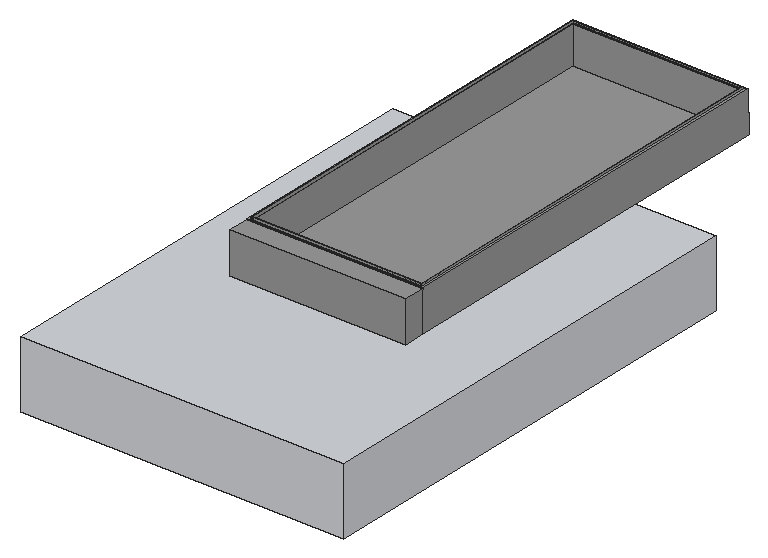
Revit family "Hager-Univers-IP30-D205-H1950-Cl.II-Encl-CH-fr", category Equipement électrique, Revit 2020
Family settings
  Hôte = Face
  Configuration du panneau = Deux colonnes, circuits au sein
  Cote de connecteur circulaire = Utiliser le diamètre
  Type d'élément = Tableau de raccordement
  Couper avec des vides une fois chargée = Non
  Partagée = Non
  Point de calcul de pièce = Non
Parameters (values of type "installation au sol IP30 L800 H1950 P205  - FP23S1N")
  Width Control [instance] = if([EF000008 - largeur] > Min Width, [EF000008 - largeur], Min Width)  # 800 mm
  Commentaires du type = [HG000003 - Gamme]  # "Univers"
  Thickness Door [instance] = if([EF009171 - épaisseur de matériau de la porte/du couvercle] > 3 mm, 3 mm, [EF009171 - épaisseur de matériau de la porte/du couvercle])  # 1 mm
  Seal Frame Offset [instance] = 17 mm  # constant formula
  Plinth Visibility [instance] = [HG000027 - Hauteur du socle] > 0 mm  # yes
  Model = ""
  Min Width [instance] = 100 mm  # constant formula
  Min Height [instance] = 100 mm  # constant formula
  Min Depth [instance] = (2 * [EF009170 - épaisseur de matériau du boîtier]) + 1 mm  # 3 mm
  Internal Frame Depth [instance] = (Door System Depth * 0.5)  # 9 mm
  Height Control [instance] = if([EF000040 - hauteur] > Min Height, [EF000040 - hauteur], Min Height)  # 1950 mm
  HG000027 - Hauteur du socle = 100 mm
  HG000026 - Installation au sol = yes
  HG000024 - Hauteur de la section basse = 800 mm
  HG000023 - Armoire double section = no
  HG000016 - Visibilité de la porte 3D [instance] = yes
  HG000015 - Visibilité de l'emprise de la porte [instance] = no
  HG000014 - Porte à droite [instance] = yes
  HG000013 - Porte à gauche [instance] = not([HG000014 - Porte à droite])  # no
  HG000012 - Angle de pivotement de la porte [instance] = 30.00°
  HG000010 - Portes asymétriques = no
  HG000009 - Porte à double battant = no
  HG000006 - Encastré = no
  HG000004 - Référence fabricant = "FP23S1N"
  HG000003 - Gamme = "Univers"
  HG000002 - avec porte = no
  Frame Offset Bottom [instance] = 10 mm  # constant formula
  Frame Offset [instance] = 15 mm  # constant formula
  EF015940 - couvercle avec décharge de pression = no
  EF011959 - degré de protection (NEMA) = ""
  EF009554 - nombre d'ouvertures pour plaques à bride = 6
  Fabricant = "Hager"  # constant formula
  EF009212 - finition du couvercle = "EV009916 - avec échancrure"
  EF009171 - épaisseur de matériau de la porte/du couvercle = 1 mm
  EF009170 - épaisseur de matériau du boîtier = 1 mm
  EF008873 - courant nominal (In) = 400 A
  EF007800 - adapté à un parafoudre = no
  EF006306 - avec serrure = no
  EF006244 - couvercle/porte transparent(e) = no
  EF005474 - indice de protection (IP) = "EV006410 - IP30"
  EF004464 - type de porte = "EV000494 - sans"
  EF004427 - nombre de modules = 432
  EF004293 - indice de protection contre les chocs (IK) = "EV006813 - IK07"
  EF003532 - convient pour utilisation à l’extérieur = no
  EF002950 - largeur en nombre de modules = 36
  EF001613 - maintien de fonction = "EV000494 - sans"
  EF001596 - matériau du boîtier/corps = "EV000179 - acier"
  EF001131 - profondeur intérieure = 130 mm
  EF001088 - possibilité de montage en saillie = yes
  EF000437 - nombre d'entrées de conduit = 6
  EF000339 - type de capot = "EV000494 - sans"
  EF000266 - nombre de rangées = 12
  EF000218 - profondeur d'encastrement = 0 mm
  EF000118 - avec cadre/support de montage = no
  EF000116 - numéro RAL = "9010"
  EF000049 - profondeur = 205 mm
  EF000040 - hauteur = 1950 mm
  EF000008 - largeur = 800 mm
  EF000007 - couleur = "EV000202 - blanc"
  EF000003 - mode de pose = "EV012274 - installation au sol"
  Door System Leaf Tolerance [instance] = 1.5 mm  # constant formula
  Door System Depth [instance] = 18 mm  # constant formula
  Door Height [instance] = Height Control - [HG000027 - Hauteur du socle]  # 1850 mm
  Depth Control [instance] = if([EF000049 - profondeur] > Min Depth, [EF000049 - profondeur], Min Depth)  # 205 mm
  Default Elevation = 0 mm
  Connector Offset [instance] = Height Control / 2  # 975 mm
  Bottom Top Plate Trim [instance] = 1.5 mm  # constant formula
  Plinth height Ctrl [instance] = if([HG000027 - Hauteur du socle] > 0 mm, [HG000027 - Hauteur du socle], 12 mm)  # 100 mm
Types (5, lengths in mm): name | Width Control | HG000004 - Référence fabricant | EF009554 - nombre d'ouvertures pour plaques à bride | EF008873 - courant nominal (In) | EF004427 - nombre de modules | EF002950 - largeur en nombre de modules | EF000437 - nombre d'entrées de conduit | EF000008 - largeur
  installation au sol IP30 L1050 H1950 P205  - FP24S1N | 1050 | "FP24S1N" | 8 | 400 A | 576 | 48 | 8 | 1050
  installation au sol IP30 L1300 H1950 P205  - FP25S1N | 1300 | "FP25S1N" | 10 | 400 A | 720 | 60 | 10 | 1300
  installation au sol IP30 L300 H1950 P205  - FP21S1N | 300 | "FP21S1N" | 2 | 250 A | 144 | 12 | 2 | 300
  installation au sol IP30 L550 H1950 P205  - FP22S1N | 550 | "FP22S1N" | 4 | 400 A | 288 | 24 | 4 | 550
  installation au sol IP30 L800 H1950 P205  - FP23S1N | 800 | "FP23S1N" | 6 | 400 A | 432 | 36 | 6 | 800
Reference planes
  plane 1 "Center (Front/Back)": y = 0
  plane 2: z = 0
  plane 3 "Center (Left/Right)": x = 0
  plane 4: z = 205
  plane 5: y = 101
  plane 6: y = 1025
  plane 7: y = 100
  plane 8: y = 1950
  plane 9: z = 0
  plane 10: x = -385
  plane 11: x = 385
  plane 12: x = 384
  plane 13: x = -384
  plane 14: y = 1949
  plane 15: x = -383
  plane 16: x = -400
  plane 17: x = 383
  plane 18: x = 400
  plane 19: x = 399
  plane 20: x = -399
  plane 21: y = 111
  plane 22: y = 1950
  plane 23: y = 1934
  plane 24: z = 187
  plane 25: z = 1
  plane 26: z = 186
  plane 27: z = 204
Forms (mm)
  Extrusion 1, solid
    sketch origin (0, 0, 0) x (1, 0, 0) y (0, 1, 0)
      loop
        line (-702.964, 1305) -> (-702.964, -811.445) -> (766.763, -811.445) -> (766.763, 1305) -> (-702.964, 1305)
    from 0 to -304.8
  Extrusion 2, solid, material "Hager_Steel_RAL7035_Light_Grey", visible <- "Plinth Visibility", detail levels medium+fine
    sketch origin (0, 0, 0) x (1, 0, 0) y (0, 1, 0)
      loop
        line (-400, 0) -> (400, 0) -> (400, 100) -> (-400, 100) -> (-400, 0)
    from 0 to 187
  Extrusion 3, solid, material "Hager_Steel_RAL7035_Light_Grey", detail levels medium+fine
    sketch origin (0, 0, 0) x (1, 0, 0) y (0, 1, 0)
      loop
        line (-400, 100) -> (400, 100) -> (400, 1950) -> (-400, 1950) -> (-400, 100)
    from 0 to 187
  Extrusion 4, void
    sketch origin (0, 0, 0) x (1, 0, 0) y (0, 1, 0)
      loop
        line (-399, 101) -> (399, 101) -> (399, 1949) -> (-399, 1949) -> (-399, 101)
    from 1 to 186
  Extrusion 5, void
    sketch origin (-381.607, -4572, 187) x (0, -1, 0) y (-1, 0, 0)
      loop
        line (-4683, 2.393) -> (-6506, 2.393) -> (-6506, -765.607) -> (-4683, -765.607) -> (-4683, 2.393)
    from 0 to 1 <- "EF009170 - épaisseur de matériau du boîtier"
  Extrusion 6, solid, material "Hager_Steel_RAL7035_Light_Grey", detail levels fine
    sketch origin (0, 0, 187) x (1, 0, 0) y (0, 1, 0)
      loop
        line (-384, 1934) -> (-384, 111) -> (384, 111) -> (384, 1934) -> (-384, 1934)
      loop
        line (-385, 110) -> (385, 110) -> (385, 1935) -> (-385, 1935) -> (-385, 110)
    from 0 to 9 <- "Internal Frame Depth"
  Extrusion 7, solid, material "Hager_Steel_RAL7035_Light_Grey", detail levels coarse
    sketch origin (0, 0, 0) x (1, 0, 0) y (0, 1, 0)
      loop
        line (-400, 0) -> (400, 0) -> (400, 1950) -> (-400, 1950) -> (-400, 0)
    from 0 to 205
  Sweep 8, void
    path in 3D
      loop
        line (-400, 100, 0) -> (400, 100, 0) -> (400, 100, 187) -> (-400, 100, 187) -> (-400, 100, 0)
    profile origin (-400, 100, 93.5) x (-1, 0, 0) y (0, -1, 0)
      loop
        line (0, 0) -> (0, 1.5) -> (-1.5, 1.5)
        arc (-1.5, 1.5) -> (-1.061, 0.439) -> (0, 0) r 1.5
Cuts and joins
  Extrusion 4, Extrusion 5 cuts Extrusion 3
  Sweep 8 cuts Extrusion 2
Lines and regions (mm)
  Masking region 1
    outline origin (0, 0, 0) x (1, 0, 0) y (0, 0, 1)
      loop
        line (-400, 205) -> (-400, 0) -> (400, 0) -> (400, 205) -> (-400, 205)
  Masking region 2, detail levels medium+fine
    outline origin (0, 140, 0) x (0, 1, 0) y (0, 0, 1)
      loop
        line (-40, 0) -> (1810, 0) -> (1810, 187) -> (-40, 187) -> (-40, 0)
  Masking region 3, not visible, detail levels medium+fine
    outline origin (0, 297.922, 0) x (0, 1, 0) y (0, 0, 1)
      loop
        line (738.578, 0) -> (778.578, 0) -> (778.578, 194)
        arc (778.578, 194) -> (775.649, 201.071) -> (768.578, 204) r 10
        line (768.578, 204) -> (738.578, 204) -> (738.578, 0)
  Masking region 4, detail levels coarse
    outline origin (0, 0, 180) x (0, 1, 0) y (0, 0, 1)
      loop
        line (0, -180) -> (1950, -180) -> (1950, 25) -> (0, 25) -> (0, -180)
  Masking region 5, visible <- "Plinth Visibility", detail levels medium+fine
    outline origin (0, 52.24, 12.345) x (0, 0, -1) y (0, 1, 0)
      loop
        line (10.845, 47.76) -> (-173.155, 47.76)
        arc (-173.155, 47.76) -> (-173.594, 46.699) -> (-174.655, 46.26) r 1.5
        line (-174.655, 46.26) -> (-174.655, -52.24) -> (12.345, -52.24) -> (12.345, 46.26)
        arc (12.345, 46.26) -> (11.285, 46.699) -> (10.845, 47.76) r 1.5
  Masking region 6, detail levels medium+fine
    outline origin (-381.607, -4572, 187) x (-1, 0, 0) y (0, -1, 0)
      loop
        line (18.393, -6522) -> (18.393, -4672) -> (-781.607, -4672) -> (-781.607, -6522) -> (18.393, -6522)
  Masking region 7, visible <- "Plinth Visibility", detail levels medium+fine
    outline origin (-381.607, -4727, 187) x (-1, 0, 0) y (0, -1, 0)
      loop
        arc (16.893, -4827) -> (17.332, -4825.939) -> (18.393, -4825.5) r 1.5
        line (18.393, -4825.5) -> (18.393, -4727) -> (-781.607, -4727) -> (-781.607, -4825.5)
        arc (-781.607, -4825.5) -> (-780.546, -4825.939) -> (-780.107, -4827) r 1.5
        line (-780.107, -4827) -> (16.893, -4827)
  Masking region 8, detail levels coarse
    outline origin (-442.548, -4669.526, 187) x (-1, 0, 0) y (0, -1, 0)
      loop
        line (-42.548, -6619.526) -> (-42.548, -4669.526) -> (-842.548, -4669.526) -> (-842.548, -6619.526) -> (-42.548, -6619.526)
  sketch lines
    curve 1: line (-400, 100, 187) -> (-400, 100, 0)
    curve 2: line (400, 100, 187) -> (-400, 100, 187)
    curve 3: line (400, 100, 187) -> (400, 100, 0)
    curve 4: line (-400, 100, 0) -> (400, 100, 0)
Dimensions and locks
  "Depth Control": plane 4 to Extrusion 1
  "HG000027 - Hauteur du socle": plane 1 "Center (Front/Back)" to plane 7
  "EF009170 - épaisseur de matériau du boîtier": plane 5 to plane 7
  locked: connector elem to plane 3 "Center (Left/Right)"
  equal spacing: plane 8, plane 6, plane 7
  locked: connector elem to plane 6
  "EF009170 - épaisseur de matériau du boîtier": plane 8 to plane 14
  "EF009170 - épaisseur de matériau du boîtier": plane 10 to plane 13
  "EF009170 - épaisseur de matériau du boîtier": plane 12 to plane 11
  "Frame Offset": plane 20 to plane 13
  "Frame Offset": plane 12 to plane 19
  "EF009170 - épaisseur de matériau du boîtier": plane 16 to plane 20
  "EF009170 - épaisseur de matériau du boîtier": plane 19 to plane 18
  "Seal Frame Offset": plane 16 to plane 15
  "Seal Frame Offset": plane 17 to plane 18
  "Frame Offset Bottom": plane 21 to plane 5
  "Frame Offset": plane 14 to plane 23
  equal spacing: plane 16, plane 3 "Center (Left/Right)", plane 18
  "Width Control": plane 16 to plane 18
  "EF009170 - épaisseur de matériau du boîtier": plane 4 to plane 27
  "EF009170 - épaisseur de matériau du boîtier": plane 24 to plane 26
  "EF009170 - épaisseur de matériau du boîtier": plane 25 to level
  "Door System Depth": plane 4 to plane 24
  "Height Control": plane 1 "Center (Front/Back)" to Extrusion 7 sketch curve
  "Height Control": Masking region 4 sketch curve to plane 1 "Center (Front/Back)"
  "Height Control": plane 1 "Center (Front/Back)" to plane 22
  "Bottom Top Plate Trim": profile plane to Sweep 8 sketch curve
  "Bottom Top Plate Trim": Sweep 8 sketch curve to profile plane
  "Plinth height Ctrl": plane 1 "Center (Front/Back)" to Extrusion 2 sketch curve
  "Plinth height Ctrl": Masking region 5 sketch curve to plane 1 "Center (Front/Back)"
  "Plinth height Ctrl": plane 1 "Center (Front/Back)" to Masking region 7 sketch curve
  "Thickness Door": Extrusion 6 sketch curve to Extrusion 6 sketch curve  (x3)
  "Thickness Door": cut or joined group of Extrusion 3, Extrusion 4, Extrusion 5 to Extrusion 6 sketch curve
  radius of Masking region 3 sketch curve = 10 mm
  "Bottom Top Plate Trim": radius of Masking region 5 sketch curve  (x2)
  "Bottom Top Plate Trim": radius of Sweep 8 sketch curve
  "Bottom Top Plate Trim": radius of Masking region 7 sketch curve  (x2)
  aligned and locked: plane 2 to Extrusion 1
  aligned and locked: level to Extrusion 1
  aligned and locked: level to Masking region 1 sketch curve
  aligned and locked: Masking region 1 sketch curve to plane 18
  aligned and locked: Masking region 1 sketch curve to plane 16
  aligned and locked: plane 7 to Masking region 2 sketch curve
  aligned and locked: level to Masking region 3 sketch curve
  aligned and locked: Masking region 3 sketch curve to plane 27
  aligned and locked: level to Masking region 2 sketch curve
  aligned and locked: plane 1 "Center (Front/Back)" to Extrusion 2 sketch curve
  aligned and locked: Extrusion 3 sketch curve to plane 7
  aligned and locked: plane 16 to Extrusion 3 sketch curve
  aligned and locked: plane 18 to Extrusion 3 sketch curve
  aligned and locked: plane 20 to Extrusion 4 sketch curve
  aligned and locked: plane 19 to Extrusion 4 sketch curve
  aligned and locked: Extrusion 4 sketch curve to plane 5
  aligned and locked: Extrusion 4 to plane 25
  aligned and locked: plane 26 to Extrusion 4
  aligned and locked: plane 24 to Extrusion 3
  aligned and locked: Extrusion 5 sketch curve to plane 21
  aligned and locked: Extrusion 5 sketch curve to plane 13
  aligned and locked: Extrusion 5 sketch curve to plane 12
  aligned and locked: plane 18 to Extrusion 7 sketch curve
  aligned and locked: plane 1 "Center (Front/Back)" to Extrusion 7 sketch curve
  aligned and locked: plane 16 to Extrusion 7 sketch curve
  aligned and locked: plane 4 to Extrusion 7
  aligned and locked: Extrusion 7 to level
  aligned and locked: level to Masking region 4 sketch curve
  aligned and locked: Masking region 4 sketch curve to plane 1 "Center (Front/Back)"
  aligned and locked: Masking region 4 sketch curve to plane 4
  aligned and locked: nested 1 to level
  aligned and locked: nested 1 to plane 16
  aligned and locked: plane 8 to Extrusion 3 sketch curve
  aligned and locked: plane 23 to Extrusion 5 sketch curve
  aligned and locked: plane 14 to Extrusion 4 sketch curve
  aligned and locked: Masking region 2 sketch curve to plane 8
  aligned and locked: level to Masking region 5 sketch curve
  aligned and locked: plane 16 to Extrusion 2 sketch curve
  aligned and locked: plane 18 to Extrusion 2 sketch curve
  aligned and locked: Masking region 5 sketch curve to plane 24
  aligned and locked: Masking region 2 sketch curve to plane 24
  aligned and locked: plane 24 to Extrusion 2
  aligned and locked: profile plane to Sweep 8 sketch curve  (x2)
  aligned and locked: Masking region 6 sketch curve to plane 18
  aligned and locked: Masking region 6 sketch curve to plane 22
  aligned and locked: Masking region 6 sketch curve to plane 16
  aligned and locked: plane 8 to plane 22
  aligned and locked: Masking region 6 sketch curve to plane 7
  aligned and locked: Masking region 7 sketch curve to plane 16
  aligned and locked: Masking region 7 sketch curve to plane 1 "Center (Front/Back)"
  aligned and locked: Masking region 7 sketch curve to plane 18
  aligned and locked: Masking region 8 sketch curve to plane 1 "Center (Front/Back)"
  aligned and locked: Masking region 8 sketch curve to plane 18
  aligned and locked: Masking region 8 sketch curve to plane 22
  aligned and locked: Masking region 8 sketch curve to plane 16
  aligned and locked: nested 2 to plane 7
  aligned and locked: plane 3 "Center (Left/Right)" to nested 2
  aligned and locked: nested 2 to plane 24
  aligned and locked: Extrusion 6 sketch curve to cut or joined group of Extrusion 3, Extrusion 4, Extrusion 5  (x4)
Automatic sketch dimensions
  Extrusion 1 sketch curve to Extrusion 1 sketch curve = 1469.727 mm
  Extrusion 1 sketch curve to Extrusion 1 sketch curve = 2116.445 mm
  Masking region 1 sketch curve to plane 4 = 0 mm
  plane 6 to Masking region 3 sketch curve = 11.5 mm
  Masking region 3 sketch curve to Masking region 3 sketch curve = 30 mm
  Masking region 5 sketch curve to plane 1 "Center (Front/Back)" = 0 mm
Nested families
  nested 1: "Hager_Enclosure_Symbol" at (-400, 0, 0) x (1, 0, 0) z (0, -1, 0), Height <- "Depth Control", Width <- "Width Control", type "Hager_Enclosure_Symbol"
    with Width_Ctrl 800 mm, Width 800 mm, Height_Ctrl 205 mm, Height 205 mm, A_Width_Int 13.453 mm, A_Width 161.438 mm, A_Height_Ctrl 179.375 mm, A_Height 179.375 mm
  nested 2: "EC000058_Univers_Door" at (0, 100, 187) x (1, 0, 0) z (0, 1, 0), Leaf_Tolerance <- "Door System Leaf Tolerance", Angle <- "HG000012 - Angle de pivotement de la porte", Door_Depth <- "Door System Depth", Door_Left <- "HG000013 - Porte à gauche", Transparent <- "EF006244 - couvercle/porte transparent(e)", Assymetrical <- "HG000010 - Portes asymétriques", Width <- "Width Control", Clearance <- "HG000015 - Visibilité de l'emprise de la porte", Double <- "HG000009 - Porte à double battant", 3d_Door <- "HG000016 - Visibilité de la porte 3D", Lock_Visibility <- "EF006306 - avec serrure", Width_Ctrl <- "Width Control", Door_Right <- "HG000014 - Porte à droite", Door <- "HG000002 - avec porte", Height <- "Door Height", Thickness <- "Thickness Door", type "EC000058_Univers_Door", detail levels medium+fine
    with min_wh 3 mm, Width_Ctrl 800 mm, Width 800 mm, Transparent no, Thickness 1 mm, Seal_Material Hager_Rubber, Lock_Visibility no, Lock_Material Hager_Plastic_RAL9005_Jet_Black, Leaf_Width 800 mm, Leaf_Tolerance_External_Sides 0 mm, Leaf_Tolerance 1.5 mm, Leaf_Offset 0 mm, Leaf_Height 1847 mm, Leaf_2_Width 800 mm, Leaf_2_Offset 400 mm, Leaf_1_Width 800 mm, Leaf_1_Offset 400 mm, Height_Ctrl 1850 mm, Height 1850 mm, Glass_Material Hager_Glass, Double_Clearance_Ctrl no, Double no, Door_Right_Ctrl no, Door_Right yes, Door_Material Hager_Steel_RAL7035_Light_Grey, Door_Left_Ctrl no, Door_Left no, Door_Depth 18 mm, Door no, Clearance_Material Hager_Clearance, Clearance_Depth 800 mm, Clearance_Ctrl no, Clearance no, Assymetrical no, Angle 30.00°, 3d_Door yes
Connectors
  electrical at (0, 1025, 0)
    settings: on plane 9, index 1, voltage 0 V, apparent load 0 VA, apparent load phase1 0 VA, apparent load phase2 0 VA, apparent load phase3 0 VA, power factor 1, load classification "Other", number of poles 1, system type 30, power factor state 1, is connector primary yes, connector utility no, sub classification motor no, connector description ""
Definition of nested family "Hager_Enclosure_Symbol"
  Parameters (values of type "Hager_Enclosure_Symbol")
    Width_Ctrl [instance] = if(Width > 1 mm, Width, 1 mm)  # 102.27 mm
    Width [instance] = 102.27 mm
    Height_Ctrl [instance] = if(Height > 1 mm, Height, 1 mm)  # 66.5 mm
    A_Width_Int [instance] = if(A_Width / 12 > 2 mm, A_Width / 12, 2 mm)  # 4.364 mm
    A_Width [instance] = if(A_Height_Ctrl * 0.9 > 2 mm, A_Height_Ctrl * 0.9, 2 mm)  # 52.369 mm
    A_Height_Ctrl [instance] = if(A_Height > 2 mm, A_Height, 2 mm)  # 58.188 mm
    Height [instance] = 66.5 mm
    A_Height [instance] = Height - (Height / 8)  # 58.188 mm
  Reference planes
    plane 1 "Centre (avant/arrière)": y = 0
    plane 2: z = 0
    plane 3 "Centre (gauche/droite)": x = 0
    plane 4: x = 52.369
    plane 5: y = 33.042
    plane 6: y = 41.77
    plane 7: y = 66.5
    plane 8: x = 26.184
    plane 9: y = 37.406
    plane 10: x = 102.27
    plane 11: y = 66.5
    plane 12: y = 8.313
  Lines and regions (mm)
    Filled region 1, type "Solid_Black", in view "Niveau de réf."
      outline origin (0, 0, 0) x (1, 0, 0) y (0, 1, 0)
        loop
          line (52.369, 66.5) -> (33.188, 54.536) -> (45.365, 45.006) -> (52.369, 66.5)
    Filled region 2, type "Solid_Black", in view "Niveau de réf."
      outline origin (0, 0, 0) x (1, 0, 0) y (0, 1, 0)
        loop
          line (0, 0) -> (102.27, 0) -> (102.27, 66.5) -> (0, 0)
    detail lines, in view "Niveau de réf."
      curve 1: line (0, 8.313, 0) -> (26.184, 41.77, 0)
      curve 2: line (26.184, 41.77, 0) -> (26.184, 33.042, 0)
      curve 3: line (26.184, 33.042, 0) -> (52.369, 66.5, 0)
  Dimensions and locks
    "A_Width": plane 3 "Centre (gauche/droite)" to plane 4
    equal spacing: plane 3 "Centre (gauche/droite)", plane 8, plane 4
    equal spacing: plane 6, plane 9, plane 5
    equal spacing: curve 3, Filled region 1 sketch curve, Filled region 1 sketch curve
    "Height_Ctrl": plane 1 "Centre (avant/arrière)" to plane 11
    "A_Height_Ctrl": plane 11 to plane 12
    equal spacing: plane 11, plane 9, plane 12
    "A_Width_Int": plane 6 to plane 9
    "Width_Ctrl": plane 3 "Centre (gauche/droite)" to plane 10
    angle Filled region 1 sketch curve to curve 3 = 20.00°
    angle curve 3 to Filled region 1 sketch curve = 20.00°
    locked: curve 3 to Filled region 1 sketch curve (angle 90.00°)
    aligned and locked: plane 10 to Filled region 2
    aligned and locked: plane 11 to Filled region 2 sketch curve
    aligned and locked: plane 10 to Filled region 2 sketch curve
    aligned and locked: plane 3 "Centre (gauche/droite)" to curve 1
    aligned and locked: plane 12 to curve 1
    aligned and locked: plane 7 to plane 11
  Automatic sketch dimensions
    Filled region 1 sketch curve to plane 4 = 0 mm
    Filled region 1 sketch curve to plane 7 = 0 mm
    plane 1 "Centre (avant/arrière)" to Filled region 2 sketch curve = 0 mm
    Filled region 2 sketch curve to plane 3 "Centre (gauche/droite)" = 0 mm
    curve 2 to plane 6 = 0 mm
    curve 2 to plane 8 = 0 mm
    curve 3 to plane 4 = 0 mm
    curve 2 to plane 5 = 0 mm
    curve 3 to plane 7 = 0 mm
Definition of nested family "EC000058_Univers_Door"
  Parameters (values of type "EC000058_Univers_Door")
    min_wh [instance] = (2 * Thickness) + 1 mm  # 11 mm
    Width_Ctrl [instance] = 400 mm
    Width [instance] = 500 mm
    Transparent [instance] = yes
    Thickness [instance] = 5 mm
    Seal_Material [instance] = none
    Lock_Visibility [instance] = yes
    Lock_Material [instance] = none
    Leaf_Width [instance] = if((Width_Ctrl - 2 * Leaf_Tolerance_External_Sides) > 0 mm, (Width_Ctrl - 2 * Leaf_Tolerance_External_Sides), min_wh)  # 400 mm
    Leaf_Tolerance_External_Sides [instance] = 0 mm  # constant formula
    Leaf_Tolerance [instance] = 1.5 mm
    Leaf_Offset [instance] = 0 mm  # constant formula
    Leaf_Height [instance] = if((Height_Ctrl - 2 * Leaf_Tolerance) > 0 mm, (Height_Ctrl - 2 * Leaf_Tolerance), min_wh)  # 497 mm
    Leaf_2_Width [instance] = if(and(and(Double, Assymetrical), Door_Left), (Leaf_Width / 3) - (Leaf_Tolerance / 2), if(and(and(Double, Assymetrical), Door_Right), (Leaf_Width / 3) * 2 - (Leaf_Tolerance / 2), if(and(Double, not(Assymetrical)), (Leaf_Width / 2) - Leaf_Tolerance, Leaf_Width)))  # 400 mm
    Leaf_2_Offset [instance] = if(and(Double, Assymetrical), Leaf_2_Width / 2, if(and(Double, not(Assymetrical)), Leaf_Width / 4, Leaf_Width / 2))  # 200 mm
    Leaf_1_Width [instance] = if(and(and(Double, Assymetrical), Door_Right), (Leaf_Width / 3) - (Leaf_Tolerance / 2), if(and(and(Double, Assymetrical), Door_Left), (Width / 3) * 2 - (Leaf_Tolerance / 2), if(and(Double, not(Assymetrical)), (Leaf_Width / 2) - Leaf_Tolerance, Leaf_Width)))  # 400 mm
    Leaf_1_Offset [instance] = if(and(Double, Assymetrical), Leaf_1_Width / 2, if(and(Double, not(Assymetrical)), Leaf_Width / 4, Leaf_Width / 2))  # 200 mm
    Height_Ctrl [instance] = if(Height > min_wh, Height, min_wh)  # 500 mm
    Height [instance] = 500 mm
    Glass_Material [instance] = none
    Double_Clearance_Ctrl [instance] = and(Double, Clearance)  # no
    Double [instance] = no
    Door_Right_Ctrl [instance] = and(or(Door_Right, Double), Door)  # yes
    Door_Right [instance] = yes
    Door_Material [instance] = none
    Door_Left_Ctrl [instance] = and(or(Door_Left, Double), Door)  # no
    Door_Left [instance] = no
    Door_Depth [instance] = 30 mm
    Door [instance] = yes
    Default Elevation = 1219.2 mm
    Clearance_Material [instance] = none
    Clearance_Depth [instance] = if(Leaf_1_Width > Leaf_2_Width, Leaf_1_Width, Leaf_2_Width)  # 400 mm
    Clearance_Ctrl [instance] = and(not(Double), Clearance)  # yes
    Clearance [instance] = yes
    Assymetrical [instance] = yes
    Angle [instance] = 30.00°
    3d_Door [instance] = yes
  Reference planes
    plane 1 "Center (Front/Back)": y = 0
    plane 2 "Bottom": z = 0
    plane 3 "Center (Left/Right)": x = 0
    plane 4: z = 500
    plane 5: x = -200
    plane 6: x = 200
    plane 7: z = 500
    plane 8: x = -200
    plane 9: z = 0
    plane 10: x = 200
    plane 11: y = 0
    plane 12: z = 1.5
    plane 13: x = -600
    plane 14: y = -400
    plane 15: x = 600
    plane 16: x = 0
    plane 17: x = 0
    plane 18: x = -200
    plane 19: x = 200
    plane 20: z = 498.5
  Forms (mm)
    Extrusion 1, solid, material <- "Clearance_Material", visible <- "Double_Clearance_Ctrl"
      sketch origin (1200, 0, 0) x (1, 0, 0) y (0, 0, -1)
        loop
          line (-1800, -498.5) -> (-600, -498.5) -> (-600, 0) -> (-1800, 0) -> (-1800, -498.5)
      from 0 to -400
  Dimensions and locks
    equal spacing: plane 5, plane 3 "Center (Left/Right)", plane 6
    "Width_Ctrl": plane 5 to plane 6
    "Leaf_Offset": plane 5 to plane 8
    "Leaf_Offset": plane 6 to plane 10
    "Leaf_Offset": plane 9 to level
    "Leaf_Offset": plane 4 to plane 7
    "Height_Ctrl": plane 4 to level
    "Leaf_Tolerance": plane 12 to plane 9
    locked: plane 11 to plane 1 "Center (Front/Back)"
    "Leaf_1_Offset": plane 18 to plane 16
    "Leaf_2_Offset": plane 17 to plane 19
    "Leaf_1_Width": plane 13 to plane 8
    "Leaf_2_Width": plane 10 to plane 15
    "Clearance_Depth": plane 14 to plane 1 "Center (Front/Back)"
    "Leaf_Tolerance_External_Sides": plane 8 to plane 18
    "Leaf_Tolerance_External_Sides": plane 19 to plane 10
    "Leaf_Tolerance": plane 7 to plane 20
    aligned and locked: level to plane 2 "Bottom"
    aligned and locked: nested 1 to plane 16
    aligned and locked: nested 2 to plane 17
    aligned and locked: Extrusion 1 to plane 13
    aligned and locked: plane 15 to Extrusion 1
    aligned and locked: Extrusion 1 to plane 14
    aligned and locked: plane 12 to nested 1
    aligned and locked: nested 2 to plane 12
    aligned and locked: Extrusion 1 to plane 11
    aligned and locked: plane 20 to Extrusion 1
    aligned and locked: nested 2 to plane 11
    aligned and locked: nested 1 to plane 11
  Automatic sketch dimensions
    Extrusion 1 sketch curve to level = 0 mm
    plane 5 to Extrusion 1 sketch curve = 400 mm
    plane 6 to Extrusion 1 sketch curve = 400 mm
    Extrusion 1 sketch curve to plane 4 = 1.5 mm
  Nested families
    nested 1: "EC000058_Univers_Door_Leaf" at (0, 0, 1.5), Width <- "Leaf_1_Width", visible <- "Door_Left_Ctrl", Leaf_Height <- "Leaf_Height", Angle <- "Angle", 3d_Door <- "3d_Door", Transparent <- "Transparent", Clearance Material <- "Clearance_Material", Clearance <- "Clearance_Ctrl", Door_Material <- "Door_Material", Glass_Material <- "Glass_Material", Door_Depth <- "Door_Depth", Lock_Material <- "Lock_Material", Seal_Material <- "Seal_Material", Lock_Visibility <- "Lock_Visibility", Thickness <- "Thickness", type "EC000058_Univers_Door_Leaf"
      with Width 400 mm, Transparent_Glass_Offset 30 mm, Transparent_Ctrl yes, Transparent yes, Thickness 5 mm, Standard no, Seal_Material none, Seal_D2 8 mm, Seal_D1 1 mm, Offset_Internal_Frame 10 mm, Lock_Width 20 mm, Lock_Visibility_3d yes, Lock_Visibility yes, Lock_Thickness_3 3 mm, Lock_Thickness_2 1 mm, Lock_Thickness_1 3 mm, Lock_Radius_Offset_2 16 mm, Lock_Radius_Offset_1 15 mm, Lock_Radius_2 5 mm, Lock_Radius 6 mm, Lock_Offset 5 mm, Lock_Material none, Lock_Height 80 mm, Lock_Cover_Top_Offset_2d 17 mm, Lock_Cover_Height -65 mm, Leaf_Height 497 mm, Internal_Seal_Thickness 8 mm, Internal_Seal_Depth_2 4.5 mm, Internal_Frame_Depth 25 mm, Glass_Thickness -1 mm, Glass_Offset -2 mm, Glass_Material none, Door_Material none, Door_Depth 30 mm, Clearance Material none, Clearance yes, Angle_Ctrl 30.00°, Angle 30.00°, 3d_Door yes
    nested 2: "EC000058_Univers_Door_Leaf" at (0, 0, 1.5) x (-1, 0, 0) z (0, 0, 1), Width <- "Leaf_2_Width", visible <- "Door_Right_Ctrl", Leaf_Height <- "Leaf_Height", Angle <- "Angle", 3d_Door <- "3d_Door", Transparent <- "Transparent", Clearance Material <- "Clearance_Material", Clearance <- "Clearance_Ctrl", Door_Material <- "Door_Material", Glass_Material <- "Glass_Material", Door_Depth <- "Door_Depth", Lock_Material <- "Lock_Material", Seal_Material <- "Seal_Material", Lock_Visibility <- "Lock_Visibility", Thickness <- "Thickness", type "EC000058_Univers_Door_Leaf"
      with Width 400 mm, Transparent_Glass_Offset 30 mm, Transparent_Ctrl yes, Transparent yes, Thickness 5 mm, Standard no, Seal_Material none, Seal_D2 8 mm, Seal_D1 1 mm, Offset_Internal_Frame 10 mm, Lock_Width 20 mm, Lock_Visibility_3d yes, Lock_Visibility yes, Lock_Thickness_3 3 mm, Lock_Thickness_2 1 mm, Lock_Thickness_1 3 mm, Lock_Radius_Offset_2 16 mm, Lock_Radius_Offset_1 15 mm, Lock_Radius_2 5 mm, Lock_Radius 6 mm, Lock_Offset 5 mm, Lock_Material none, Lock_Height 80 mm, Lock_Cover_Top_Offset_2d 17 mm, Lock_Cover_Height -65 mm, Leaf_Height 497 mm, Internal_Seal_Thickness 8 mm, Internal_Seal_Depth_2 4.5 mm, Internal_Frame_Depth 25 mm, Glass_Thickness -1 mm, Glass_Offset -2 mm, Glass_Material none, Door_Material none, Door_Depth 30 mm, Clearance Material none, Clearance yes, Angle_Ctrl 30.00°, Angle 30.00°, 3d_Door yes
  Definition of nested family "EC000058_Univers_Door_Leaf"
    Parameters (values of type "EC000058_Univers_Door_Leaf")
      Width [instance] = 2000 mm
      Transparent_Glass_Offset [instance] = 30 mm
      Transparent_Ctrl [instance] = and(Transparent, [3d_Door])  # yes
      Transparent [instance] = yes
      Thickness [instance] = 5 mm
      Standard [instance] = and(not(Transparent), [3d_Door])  # no
      Seal_Material [instance] = none
      Seal_D2 [instance] = 8 mm  # constant formula
      Seal_D1 [instance] = 1 mm  # constant formula
      Offset_Internal_Frame [instance] = 10 mm  # constant formula
      Lock_Width [instance] = 20 mm  # constant formula
      Lock_Visibility_3d [instance] = and(Lock_Visibility, [3d_Door])  # yes
      Lock_Visibility [instance] = yes
      Lock_Thickness_3 [instance] = 3 mm  # constant formula
      Lock_Thickness_2 [instance] = 1 mm  # constant formula
      Lock_Thickness_1 [instance] = 3 mm  # constant formula
      Lock_Radius_Offset_2 [instance] = Lock_Radius_Offset_1 + 1 mm  # 16 mm
      Lock_Radius_Offset_1 [instance] = 15 mm  # constant formula
      Lock_Radius_2 [instance] = Lock_Radius - 1 mm  # 5 mm
      Lock_Radius [instance] = 6 mm  # constant formula
      Lock_Offset [instance] = 5 mm  # constant formula
      Lock_Material [instance] = none
      Lock_Height [instance] = 80 mm  # constant formula
      Lock_Cover_Top_Offset_2d [instance] = Lock_Radius_Offset_2 + 1 mm  # 17 mm
      Lock_Cover_Height [instance] = -(Lock_Height - Lock_Radius_Offset_1)  # -65 mm
      Leaf_Height [instance] = 2720.336 mm
      Internal_Seal_Thickness [instance] = 8 mm  # constant formula
      Internal_Seal_Depth_2 [instance] = 4.5 mm  # constant formula
      Internal_Frame_Depth [instance] = if(Door_Depth - Thickness > 5 mm, Door_Depth - Thickness, 5 mm)  # 25 mm
      Glass_Thickness [instance] = if(Thickness > 15 mm, Glass_Offset + 10 mm, -1 mm)  # -1 mm
      Glass_Offset [instance] = if(Thickness > 15 mm, -(Thickness + 10 mm) / 2, -2 mm)  # -2 mm
      Glass_Material [instance] = none
      Door_Material [instance] = none
      Door_Depth [instance] = 30 mm
      Default Elevation = 0 mm
      Clearance Material [instance] = none
      Clearance [instance] = yes
      Angle_Ctrl [instance] = if(Angle > 180.00°, 180.00°, Angle)  # 90.00°
      Angle [instance] = 90.00°
      3d_Door [instance] = yes
    Reference planes
      plane 1 "Center (Front/Back)": y = 0
      plane 2: z = 0
      plane 3 "Center (Left/Right)": x = 0
      plane 4: y = 2000
      plane 5: x = -1000
      plane 6: x = 1000
      plane 7: x = -3000
      plane 8: z = 2720.336
      plane 9: z = 30
      plane 10: z = 2690.336
      plane 11: x = 970
      plane 12: x = -970
      plane 13: y = -3
      plane 14: z = 107.833
      plane 15: y = -5
      plane 16: y = -223.314
      plane 17: x = -1000
      plane 18: z = 1360.168
      plane 19: y = 30
    Forms (mm)
      Extrusion 1, solid, material <- "Clearance Material", visible <- "Clearance"
        sketch origin (0, 0, 0) x (1, 0, 0) y (0, 0, 1)
          loop
            line (-3000, 2720.336) -> (-3000, 0) -> (1000, 0) -> (1000, 2720.336) -> (-3000, 2720.336)
        from 0 to -2000
      Extrusion 2, solid, material <- "Door_Material", visible <- "Standard", detail levels medium+fine
        sketch origin (-1000, 0, 0) x (0, 1, 0) y (-1, 0, 0)
          loop
            line (0, 30) -> (0, 25) -> (2000, 25) -> (2000, 30) -> (0, 30)
        from 0 to 2720.336 <- "Leaf_Height"
      Extrusion 3, solid, material <- "Door_Material", visible <- "Transparent_Ctrl", detail levels medium+fine
        sketch origin (-1000, 0, 0) x (0, 1, 0) y (-1, 0, 0)
          loop
            line (0, 25) -> (2000, 25) -> (2000, 30) -> (0, 30) -> (0, 25)
        from 0 to 2720.336 <- "Leaf_Height"
      Extrusion 4, void
        sketch origin (-1025, 2000, 0) x (0, 1, 0) y (0, 0, -1)
          loop
            line (-30, -2690.336) -> (-30, -30) -> (-1970, -30) -> (-1970, -2690.336) -> (-30, -2690.336)
        from 0 to 5 <- "Thickness"
      Sweep 5, solid, material <- "Seal_Material", visible <- "Transparent_Ctrl", detail levels fine
        path in 3D
          loop
            line (-1025, 30, 30) -> (-1025, 30, 2690.336) -> (-1025, 1970, 2690.336) -> (-1025, 1970, 30) -> (-1025, 30, 30)
        profile origin (-1025, 1000, 30) x (1, 0, 0) y (0, 0, 1)
          loop
            line (0, 0) -> (0, -8) -> (1, -8) -> (1, 0) -> (0, 0)
      Extrusion 6, solid, material <- "Glass_Material", visible <- "Transparent_Ctrl", detail levels medium+fine
        sketch origin (-1030, 0, 0) x (0, 1, 0) y (0, 0, -1)
          loop
            line (1970, -2690.336) -> (1970, -30) -> (30, -30) -> (30, -2690.336) -> (1970, -2690.336)
        from -2 <- "Glass_Offset" to -1 <- "Glass_Thickness"
      Extrusion 7, solid, material <- "Door_Material", visible <- "3d_Door", detail levels medium+fine
        sketch origin (-1025, 2000, 0) x (0, -1, 0) y (0, 0, -1)
          loop
            line (0, -2720.336) -> (2000, -2720.336) -> (2000, 0) -> (0, 0) -> (0, -2720.336)
          loop
            line (1995, -5) -> (5, -5) -> (5, -2715.336) -> (1995, -2715.336) -> (1995, -5)
        from 0 to 25 <- "Internal_Frame_Depth"
      Sweep 8, solid, material <- "Seal_Material", visible <- "Transparent_Ctrl", detail levels fine
        path in 3D
          loop
            line (-1025, 0, 0) -> (-1025, 2000, 0) -> (-1025, 2000, 2720.336) -> (-1025, 0, 2720.336) -> (-1025, 0, 0)
        profile origin (-1025, 0, 1360.168) x (1, 0, 0) y (0, 1, 0)
          loop
            line (0, 10) -> (2.975, 10)
            arc (2.975, 10) -> (4.053, 10.447) -> (4.5, 11.525) r 1.525
            line (4.5, 11.525) -> (4.5, 16.527)
            arc (4.5, 16.527) -> (4.069, 17.569) -> (3.027, 18) r 1.473
            line (3.027, 18) -> (0, 18) -> (0, 10)
      Extrusion 9, solid, material <- "Lock_Material", visible <- "Lock_Visibility_3d", detail levels fine
        sketch origin (-1030, 0, 0) x (0, 1, 0) y (0, 0, -1)
          loop
            arc (1993.5, -1400.168) -> (1994.561, -1399.729) -> (1995, -1398.668) r 1.5
            line (1995, -1398.668) -> (1995, -1320.168) -> (1975, -1320.168) -> (1975, -1398.668)
            arc (1975, -1398.668) -> (1975.439, -1399.729) -> (1976.5, -1400.168) r 1.5
            line (1976.5, -1400.168) -> (1993.5, -1400.168)
        from 3 <- "Lock_Thickness_1" to 0
      Blend 10, solid, material <- "Lock_Material", visible <- "Lock_Visibility_3d", detail levels fine
        base sketch origin (-1033, 0, 0) x (0, 1, 0) y (0, 0, -1)
          loop
            line (1975, -1320.168) -> (1975, -1398.668)
            arc (1975, -1398.668) -> (1975.439, -1399.729) -> (1976.5, -1400.168) r 1.5
            line (1976.5, -1400.168) -> (1993.5, -1400.168)
            arc (1993.5, -1400.168) -> (1994.561, -1399.729) -> (1995, -1398.668) r 1.5
            line (1995, -1398.668) -> (1995, -1320.168) -> (1975, -1320.168)
        top sketch origin (-1033, 0, 0) x (0, 1, 0) y (0, 0, -1)
          loop
            line (1976, -1320.168) -> (1976, -1398.668)
            arc (1976, -1398.668) -> (1976.146, -1399.022) -> (1976.5, -1399.168) r 0.5
            line (1976.5, -1399.168) -> (1993.5, -1399.168)
            arc (1993.5, -1399.168) -> (1993.854, -1399.022) -> (1994, -1398.668) r 0.5
            line (1994, -1398.668) -> (1994, -1320.168) -> (1976, -1320.168)
        from 0 to 1 <- "Lock_Thickness_2"
      Blend 11, solid, material <- "Lock_Material", visible <- "Lock_Visibility_3d", detail levels fine
        base sketch origin (-1034, 0, 0) x (0, 1, 0) y (0, 0, -1)
          loop
            line (1978, -1320.168) -> (1978, -1384.168)
            arc (1978, -1384.168) -> (1985, -1391.168) -> (1992, -1384.168) r 7
            line (1992, -1384.168) -> (1992, -1320.168) -> (1978, -1320.168)
        top sketch origin (-1034, 0, 0) x (0, 1, 0) y (0, 0, -1)
          loop
            line (1991, -1320.168) -> (1979, -1320.168) -> (1979, -1383.168)
            arc (1979, -1383.168) -> (1985, -1389.168) -> (1991, -1383.168) r 6
            line (1991, -1383.168) -> (1991, -1320.168)
        from 0 to 3 <- "Lock_Thickness_3"
      Extrusion 12, solid, material <- "Lock_Material", visible <- "Lock_Visibility_3d", detail levels fine
        sketch origin (-1030, 1975, 1320.168) x (1, 0, 0) y (0, -1, 0)
          loop
            line (-7, -19) -> (-7, -1) -> (0, -1) -> (0, 0) -> (-8, 0) -> (-8, -20) -> (0, -20) -> (0, -19) -> (-7, -19)
        from 0 to -65 <- "Lock_Cover_Height"
      Extrusion 13, void
        sketch origin (-1038, 1995, 1320.168) x (-1, 0, 0) y (0, 0, -1)
          loop
            line (-5, -65) -> (0, -65) -> (-5, -60) -> (-5, -65)
        from 0 to 20 <- "Lock_Width"
      Extrusion 14, void
        sketch origin (-1038, 1975, 1320.168) x (0, -1, 0) y (0, 0, -1)
          loop
            circle (-10, -15.995) r 6
          loop
            circle (-10, -15.995) r 5
        from 0 to 2
      Extrusion 15, solid, material <- "Lock_Material", visible <- "Lock_Visibility_3d", detail levels medium
        sketch origin (-1030, 0, 0) x (0, 1, 0) y (0, 0, -1)
          loop
            arc (1993.5, -1400.168) -> (1994.561, -1399.729) -> (1995, -1398.668) r 1.5
            line (1995, -1398.668) -> (1995, -1320.168) -> (1975, -1320.168) -> (1975, -1398.668)
            arc (1975, -1398.668) -> (1975.439, -1399.729) -> (1976.5, -1400.168) r 1.5
            line (1976.5, -1400.168) -> (1993.5, -1400.168)
        from 8 to 0
    Cuts and joins
      Extrusion 4 cuts Extrusion 3
      Extrusion 13, Extrusion 14 cuts Extrusion 9
      Extrusion 14 cuts Blend 11
      Extrusion 13, Extrusion 14 cuts Extrusion 12
      joined: Extrusion 9, Blend 10, Blend 11, Extrusion 12
      Extrusion 14 cuts Extrusion 15
    Lines and regions (mm)
      Masking region 1, visible <- "Lock_Visibility", detail levels fine
        outline origin (0, 0, 0) x (0, 1, 0) y (0, 0, 1)
          loop
            line (30, 1320.168) -> (33, 1320.168) -> (33, 1400.168) -> (30, 1400.168) -> (30, 1320.168)
      Masking region 2, visible <- "Lock_Visibility", detail levels fine
        outline origin (0, 3.143, 0) x (0, 1, 0) y (0, 0, 1)
          loop
            line (29.857, 1354.168) -> (30.857, 1354.168) -> (30.857, 1366.168) -> (29.857, 1366.168) -> (29.857, 1354.168)
      Masking region 3, detail levels medium+fine
        outline origin (0, 0, 0) x (0, 1, 0) y (0, 0, 1)
          loop
            line (0, 0) -> (30, 0) -> (30, 2720.336) -> (0, 2720.336) -> (0, 0)
      Masking region 4, detail levels medium+fine
        outline origin (0, 0, 0) x (1, 0, 0) y (0, 0, 1)
          loop
            line (-1000, 2720.336) -> (-1000, 0) -> (1000, 0) -> (1000, 2720.336) -> (-1000, 2720.336)
      Masking region 5, visible <- "Lock_Visibility", detail levels fine
        outline origin (-47.116, 0, 0) x (1, 0, 0) y (0, 0, 1)
          loop
            arc (1024.616, 1399.168) -> (1023.556, 1398.729) -> (1023.116, 1397.668) r 1.5
            line (1023.116, 1397.668) -> (1023.116, 1320.168) -> (1041.116, 1320.168) -> (1041.116, 1397.668)
            arc (1041.116, 1397.668) -> (1040.677, 1398.729) -> (1039.616, 1399.168) r 1.5
            line (1039.616, 1399.168) -> (1024.616, 1399.168)
      Masking region 6, visible <- "Lock_Visibility", detail levels medium+fine
        outline origin (-25, 0, 0) x (1, 0, 0) y (0, 0, 1)
          loop
            arc (1001.5, 1400.168) -> (1000.439, 1399.729) -> (1000, 1398.668) r 1.5
            line (1000, 1398.668) -> (1000, 1320.168) -> (1020, 1320.168) -> (1020, 1398.668)
            arc (1020, 1398.668) -> (1019.561, 1399.729) -> (1018.5, 1400.168) r 1.5
            line (1018.5, 1400.168) -> (1001.5, 1400.168)
      Masking region 7, visible <- "Lock_Visibility", detail levels fine
        outline origin (-73.735, 0, 0) x (1, 0, 0) y (0, 0, 1)
          loop
            line (1051.735, 1382.168) -> (1065.735, 1382.168) -> (1065.735, 1384.168)
            arc (1065.735, 1384.168) -> (1058.735, 1391.168) -> (1051.735, 1384.168) r 7
            line (1051.735, 1384.168) -> (1051.735, 1382.168)
      Masking region 8, visible <- "Lock_Visibility", detail levels fine
        outline origin (-73.735, 0, 0) x (1, 0, 0) y (0, 0, 1)
          loop
            line (1052.735, 1382.168) -> (1064.735, 1382.168) -> (1064.735, 1383.168)
            arc (1064.735, 1383.168) -> (1058.735, 1389.168) -> (1052.735, 1383.168) r 6
            line (1052.735, 1383.168) -> (1052.735, 1382.168)
      Masking region 9, visible <- "Lock_Visibility", detail levels fine
        outline origin (-25, 0, 0) x (1, 0, 0) y (0, 0, 1)
          loop
            line (1020, 1320.168) -> (1020, 1382.168) -> (1000, 1382.168) -> (1000, 1320.168) -> (1020, 1320.168)
      Masking region 10, detail levels medium+fine
        outline origin (0, 0, 0) x (1, 0, 0) y (0, 0, 1)
          loop
            circle (985, 1335.144) r 6
      Masking region 11, detail levels fine
        outline origin (0, 0, 0) x (1, 0, 0) y (0, 0, 1)
          loop
            circle (985, 1335.144) r 5
      Masking region 12, visible <- "Lock_Visibility", detail levels fine
        outline origin (0, 12.767, 0) x (0, 1, 0) y (0, 0, 1)
          loop
            line (20.233, 1320.168) -> (21.233, 1320.168) -> (21.233, 1399.168) -> (20.233, 1400.168) -> (20.233, 1320.168)
      Masking region 13, visible <- "Lock_Visibility", detail levels fine
        outline origin (0, 13.767, -10) x (0, 1, 0) y (0, 0, 1)
          loop
            line (20.233, 1330.168) -> (23.233, 1330.168) -> (23.233, 1399.168) -> (20.233, 1402.168) -> (20.233, 1330.168)
      Masking region 14, visible <- "Lock_Visibility", detail levels fine
        outline origin (0, 12.767, -10) x (0, 1, 0) y (0, 0, 1)
          loop
            line (20.233, 1330.168) -> (25.233, 1330.168) -> (25.233, 1399.305) -> (20.233, 1394.305) -> (20.233, 1330.168)
      Masking region 15, visible <- "Lock_Visibility", detail levels medium
        outline origin (0, 0, 0) x (0, 1, 0) y (0, 0, 1)
          loop
            line (30, 1320.168) -> (38, 1320.168) -> (38, 1400.168) -> (30, 1400.168) -> (30, 1320.168)
      Masking region 16, visible <- "Lock_Visibility", detail levels fine
        outline origin (-1000, 0, 0) x (0, 1, 0) y (-1, 0, 0)
          loop
            line (1975, 30) -> (1995, 30) -> (1995, 38) -> (1975, 38) -> (1975, 30)
          loop
            line (1979, 37) -> (1976, 37) -> (1976, 34) -> (1978, 34) -> (1979, 37)
          loop
            line (1994, 37) -> (1991, 37) -> (1992, 34) -> (1994, 34) -> (1994, 37)
      Masking region 17, visible <- "Lock_Visibility", detail levels medium
        outline origin (-1000, 0, 0) x (0, 1, 0) y (-1, 0, 0)
          loop
            line (1975, 30) -> (1995, 30) -> (1995, 38) -> (1975, 38) -> (1975, 30)
      symbolic lines
        curve 1: line (1000, 0, 0) -> (-3000, 0, 0)
        curve 2: arc (1000, 0, 0) -> (-1000, 2000, 0) -> (-3000, 0, 0) r 2000
        curve 4: line (-1030, 0, 0) -> (-1030, 2000, 0)
      reference lines
        curve 3: line (-1000, 0, 0) -> (-1000, 2000, 0)
      symbolic lines, detail levels medium+fine
        curve 5: line (-1030, 2000, 0) -> (-1025, 2000, 0)
        curve 7: line (-1025, 0, 0) -> (-1030, 0, 0)
        curve 8: line (-1025, 0, 0) -> (-1000, 0, 0)
        curve 9: line (-1000, 0, 0) -> (-1000, 2000, 0)
        curve 10: line (-1000, 2000, 0) -> (-1025, 2000, 0)
      symbolic lines, detail levels fine
        curve 6: line (-1025, 2000, 0) -> (-1025, 0, 0)
      sketch lines
        curve 11: line (-1025, 0, 2720.336) -> (-1025, 0, 0)
        curve 12: line (-1025, 2000, 0) -> (-1025, 0, 0)
        curve 13: line (-1025, 2000, 2720.336) -> (-1025, 2000, 0)
        curve 14: line (-1025, 0, 2720.336) -> (-1025, 2000, 2720.336)
        curve 15: line (-1025, 1970, 30) -> (-1025, 30, 30)
        curve 16: line (-1025, 30, 30) -> (-1025, 30, 2690.336)
        curve 17: line (-1025, 1970, 2690.336) -> (-1025, 1970, 30)
        curve 18: line (-1025, 30, 2690.336) -> (-1025, 1970, 2690.336)
      symbolic lines, visible <- "Transparent", detail levels medium+fine
        curve 19: line (-970, 0, 2690.336) -> (970, 0, 2690.336)
        curve 20: line (-970, 0, 30) -> (-970, 0, 2690.336)
        curve 21: line (970, 0, 30) -> (-970, 0, 30)
        curve 22: line (970, 0, 2690.336) -> (970, 0, 30)
    Dimensions and locks
      "Width": plane 1 "Center (Front/Back)" to plane 4
      equal spacing: plane 5, plane 3 "Center (Left/Right)", plane 6
      "Width": plane 5 to plane 6
      "Width": plane 7 to plane 5
      "Leaf_Height": plane 8 to level
      "Width": curve 5 to curve 3
      "Width": curve 3 to curve 3
      plane 8 to plane 10 = 30 mm
      plane 9 to level = 30 mm
      plane 12 to plane 5 = 30 mm
      plane 6 to plane 11 = 30 mm
      Extrusion 1 to Extrusion 4 sketch curve = 30 mm
      "Transparent_Glass_Offset": curve 3 to Extrusion 4 sketch curve
      "Transparent_Glass_Offset": Extrusion 4 sketch curve to cut or joined group of Extrusion 3, Extrusion 4  (x2)
      cut or joined group of Extrusion 3, Extrusion 4 to Extrusion 6 sketch curve = 30 mm
      "Transparent_Glass_Offset": cut or joined group of Extrusion 3, Extrusion 4 to Extrusion 4 sketch curve
      "Thickness": curve 6 to curve 4
      "Thickness": Extrusion 7 sketch curve to Extrusion 7 sketch curve  (x4)
      "Door_Depth": curve 4 to curve 3
      "Offset_Internal_Frame": profile plane to Sweep 8 sketch curve
      "Internal_Seal_Thickness": Sweep 8 sketch curve to Sweep 8 sketch curve
      "Internal_Seal_Depth_2": profile plane to Sweep 8 sketch curve
      "Seal_D1": profile plane to Sweep 5 sketch curve
      "Seal_D2": profile plane to Sweep 5 sketch curve
      "Thickness": Extrusion 2 sketch curve to Extrusion 2 sketch curve
      equal spacing: Extrusion 9 sketch curve, plane 18, Extrusion 9 sketch curve  (x2)
      equal spacing: Masking region 1 sketch curve, plane 18, Masking region 1 sketch curve
      "Lock_Height": Masking region 1 sketch curve to Masking region 1 sketch curve
      "Lock_Radius": Masking region 2 sketch curve to plane 18 to Masking region 2 sketch curve
      Masking region 2 sketch curve to Masking region 1 = 1 mm
      "Door_Depth": plane 19 to plane 1 "Center (Front/Back)"
      "Lock_Thickness_1": Masking region 1 sketch curve to plane 19
      "Lock_Width": Extrusion 9 sketch curve to Extrusion 9 sketch curve
      "Lock_Height": Extrusion 9 sketch curve to Extrusion 9 sketch curve
      "Lock_Offset": cut or joined group of Extrusion 3, Extrusion 4 to Extrusion 9 sketch curve
      equal spacing: plane 8, plane 18, level
      "Lock_Radius_Offset_1": Blend 11 sketch curve to Blend 10
      locked: Blend 10 to Blend 11 sketch curve at 2  (x2)
      locked: var sketch to Blend 11 sketch curve at 1  (x2)
      "Lock_Radius_Offset_2": Blend 11 sketch curve to Blend 10
      locked: Extrusion 12 sketch curve to Extrusion 12 sketch curve at 1  (x3)
      Masking region 6 sketch curve to Masking region 6 sketch curve = 80 mm
      "Lock_Height": Masking region 6 sketch curve to Masking region 6 sketch curve
      "Lock_Width": Masking region 6 sketch curve to Masking region 6 sketch curve
      locked: Masking region 6 to Masking region 5 sketch curve at 1  (x3)
      locked: Masking region 5 to Masking region 7 sketch curve at 2  (x2)
      "Lock_Radius_Offset_1": Masking region 5 to Masking region 7 sketch curve
      "Lock_Radius_Offset_2": Masking region 5 to Masking region 8 sketch curve
      locked: Masking region 7 to Masking region 8 sketch curve at 1  (x2)
      "Lock_Cover_Top_Offset_2d": Masking region 5 to Masking region 9 sketch curve
      equal spacing: Masking region 9, Masking region 10 sketch curve, Masking region 9
      equal spacing: Masking region 9, Masking region 11 sketch curve, Masking region 9
      Extrusion 15 sketch curve to Extrusion 15 sketch curve = 80 mm
      "Lock_Width": Extrusion 15 sketch curve to Extrusion 15 sketch curve
      "Lock_Height": Extrusion 15 sketch curve to Extrusion 15 sketch curve
      equal spacing: Extrusion 15 sketch curve, plane 18, Extrusion 15 sketch curve
      "Lock_Thickness_3": Masking region 13 sketch curve to Masking region 13 sketch curve
      "Lock_Height": Masking region 12 sketch curve to Masking region 12 sketch curve
      locked: Masking region 13 sketch curve to Masking region 1 at 8
      locked: Masking region 14 sketch curve to Masking region 13 at 1
      locked: Masking region 14 sketch curve to Masking region 1 at 10.863
      "Lock_Height": Masking region 15 sketch curve to Masking region 15 sketch curve
      "Lock_Offset": Extrusion 15 sketch curve to cut or joined group of Extrusion 3, Extrusion 4
      "Lock_Offset": plane 6 to Masking region 6 sketch curve
      radius of Sweep 8 sketch curve = 1.525 mm
      radius of Sweep 8 sketch curve = 1.473 mm
      radius of Extrusion 9 sketch curve = 1.5 mm  (x2)
      "Lock_Radius": radius of Extrusion 14 sketch curve
      "Lock_Radius_2": radius of Extrusion 14 sketch curve
      "Lock_Radius": radius of Masking region 10 sketch curve
      "Lock_Radius_2": radius of Masking region 11 sketch curve
      radius of Extrusion 15 sketch curve = 1.5 mm  (x2)
      "Angle_Ctrl": angle plane 1 "Center (Front/Back)" to curve 3
      locked: Masking region 12 sketch curve to Masking region 12 sketch curve (angle 45.00°)
      locked: Masking region 13 sketch curve to Masking region 13 sketch curve (angle 45.00°)
      locked: Masking region 14 sketch curve to Masking region 14 sketch curve (angle 45.00°)
      aligned and locked: level to plane 2
      aligned and locked: Extrusion 1 to curve 1
      aligned and locked: plane 6 to Extrusion 1
      aligned and locked: Extrusion 1 to plane 1 "Center (Front/Back)"
      aligned and locked: plane 4 to Extrusion 1
      aligned and locked: plane 8 to Extrusion 1
      aligned and locked: curve 7 to Extrusion 2 sketch curve
      aligned and locked: curve 5 to Extrusion 2 sketch curve
      aligned and locked: curve 7 to Extrusion 3 sketch curve
      aligned and locked: Extrusion 3 sketch curve to curve 4
      aligned and locked: Extrusion 3 sketch curve to curve 6
      aligned and locked: Extrusion 3 sketch curve to curve 5
      aligned and locked: curve 9 to curve 3
      aligned and locked: Extrusion 7 sketch curve to cut or joined group of Extrusion 3, Extrusion 4  (x4)
      aligned and locked: plane 17 to curve 3
      aligned and locked: plane 1 "Center (Front/Back)" to curve 3
      aligned and locked: plane 17 to plane 5
      aligned and locked: Sweep 8 sketch curve to profile plane
      aligned and locked: Sweep 5 sketch curve to profile plane  (x2)
      aligned and locked: Masking region 1 to Masking region 2 sketch curve
      aligned and locked: plane 19 to Masking region 1 sketch curve
      aligned and locked: plane 1 "Center (Front/Back)" to Masking region 3 sketch curve
      aligned and locked: plane 19 to Masking region 3 sketch curve
      aligned and locked: level to Masking region 3 sketch curve
      aligned and locked: Masking region 3 sketch curve to plane 8
      aligned and locked: plane 17 to Masking region 4 sketch curve
      aligned and locked: level to Masking region 4 sketch curve
      aligned and locked: Masking region 4 sketch curve to plane 8
      aligned and locked: plane 12 to curve 20
      aligned and locked: plane 10 to curve 19
      aligned and locked: plane 11 to curve 22
      aligned and locked: curve 21 to plane 9
      aligned and locked: Extrusion 2 sketch curve to cut or joined group of Extrusion 3, Extrusion 4
      aligned and locked: Blend 10 sketch curve to Extrusion 9  (x4)
      aligned and locked: Extrusion 9 to Blend 10 sketch curve
      aligned and locked: Blend 10 to Blend 11 sketch curve
      aligned and locked: Extrusion 12 sketch curve to Blend 11
      aligned and locked: Extrusion 12 sketch curve to Extrusion 9  (x4)
      aligned and locked: Masking region 5 sketch curve to Masking region 6
      aligned and locked: Masking region 9 sketch curve to Masking region 6  (x3)
      aligned and locked: Masking region 12 sketch curve to Masking region 1
      aligned and locked: Masking region 13 sketch curve to Masking region 1
      aligned and locked: Masking region 12 to Masking region 14
      aligned and locked: Masking region 14 sketch curve to Masking region 1
      aligned and locked: Masking region 15 sketch curve to Masking region 14
      aligned and locked: Masking region 13 sketch curve to Masking region 12
      aligned and locked: Masking region 16 sketch curve to cut or joined group of Extrusion 14, Extrusion 15  (x4)
      aligned and locked: Masking region 16 sketch curve to cut or joined group of Extrusion 9, Blend 10, Blend 11, Extrusion 12, Extrusion 13, Extrusion 14  (x6)
      aligned and locked: cut or joined group of Extrusion 9, Blend 10, Blend 11, Extrusion 12, Extrusion 13, Extrusion 14 to Masking region 16 sketch curve
      aligned and locked: Masking region 17 sketch curve to cut or joined group of Extrusion 14, Extrusion 15  (x3)
      aligned and locked: Masking region 17 sketch curve to cut or joined group of Extrusion 9, Blend 10, Blend 11, Extrusion 12, Extrusion 13, Extrusion 14
      aligned and locked: Masking region 9 to Masking region 8 sketch curve
      aligned and locked: Masking region 9 to Masking region 7 sketch curve
    Automatic sketch dimensions
      plane 1 "Center (Front/Back)" to curve 2 = 0 mm
      curve 2 to plane 5 = 0 mm
      Extrusion 1 sketch curve to level = 0 mm
      Extrusion 1 sketch curve to plane 7 = 0 mm
      Extrusion 1 sketch curve to plane 6 = 0 mm
      Extrusion 1 sketch curve to plane 8 = 0 mm
      Extrusion 3 to Extrusion 6 sketch curve = 30 mm  (x4)
      Masking region 4 sketch curve to plane 6 = 0 mm
      Blend 10 sketch curve to Extrusion 9 = 1.5 mm
      Blend 10 sketch curve to Extrusion 9 = 1 mm
      Extrusion 13 sketch curve to Extrusion 12 = 0 mm  (x2)
      Extrusion 12 to Extrusion 13 sketch curve = 3 mm
      Extrusion 13 sketch curve to Extrusion 12 = 5 mm
      Extrusion 14 sketch curve to Extrusion 14 sketch curve = 0 mm  (x2)
      Extrusion 14 sketch curve to Extrusion 12 = 10 mm
      Extrusion 14 sketch curve to Extrusion 12 = 15.995 mm
      Masking region 5 sketch curve to Masking region 5 sketch curve = 1.5 mm  (x2)
      Masking region 10 sketch curve to plane 18 = 25.024 mm
      Masking region 11 sketch curve to plane 18 = 25.024 mm
      plane 19 to Masking region 14 sketch curve = 3 mm
      Masking region 16 sketch curve to Masking region 16 sketch curve = 3 mm
      curve 4 to curve 3 = 0 mm
      Blend 10 to Blend 11 sketch curve = 0 mm
      Masking region 6 sketch curve to Masking region 6 sketch curve = 1.5 mm  (x2)
      Masking region 6 sketch curve to plane 18 = 40 mm
      plane 19 to Masking region 12 sketch curve = 3 mm
      Masking region 12 sketch curve to Masking region 12 sketch curve = 1 mm
      Masking region 15 sketch curve to plane 19 = 0 mm
      Masking region 15 sketch curve to plane 18 = 40 mm
      radius of Blend 10 sketch curve to Extrusion 9 = 1 mm
